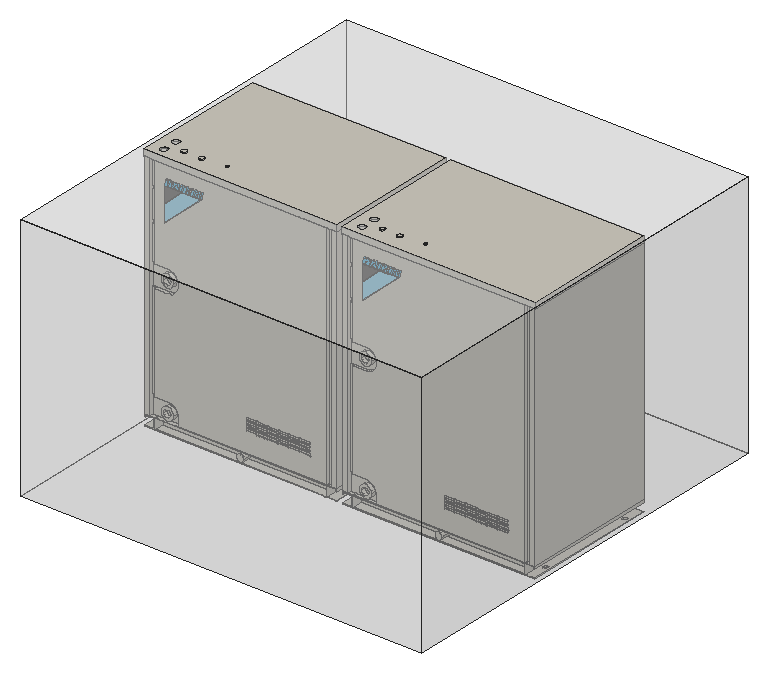
Revit family "outputfile", category 機械設備, Revit 2024
Family settings
  丸型コネクタ寸法 = 半径を使用
  種別 = なし
  パーツ タイプ = 標準
  OmniClass 番号 = 23.75.10.24.21.27.27
  OmniClass タイトル = Split System Air Conditioning Units
  作業面ベース = いいえ
  常に垂直 = はい
  ロード時にボイドで切り取り = いいえ
  注釈の向きを維持 = いいえ
  共有 = いいえ
  部屋計算ポイント = いいえ
Parameters (values of type "RWEYQ16TY1S")
  製造元 = "Daikin"
  書き出し IFC クラス(タイプ) = "IfcUnitaryEquipmentType"
  定義済み IFC タイプ(タイプ) = "AIRCONDITIONINGUNIT"
  モデル = "RWEYQ16TY1S"
  w_unit2 = 780.0 mm
  w_unit1 = 780.0 mm
  switch_unit2_6-8 [instance] = if(Reverse_ModuleSequence, if(default_unit1 = 1, 1 = 1, 1 = 0), if(default_unit2 = 1, 1 = 1, 1 = 0))  # yes
  switch_unit2_12 [instance] = if(Reverse_ModuleSequence, if(default_unit1 = 3, 1 = 1, 1 = 0), if(default_unit2 = 3, 1 = 1, 1 = 0))  # no
  switch_unit2_10 [instance] = if(Reverse_ModuleSequence, if(default_unit1 = 2, 1 = 1, 1 = 0), if(default_unit2 = 2, 1 = 1, 1 = 0))  # no
  switch_unit1_6-8 [instance] = if(Reverse_ModuleSequence, if(default_unit2 = 1, 1 = 1, 1 = 0), if(default_unit1 = 1, 1 = 1, 1 = 0))  # yes
  switch_unit1_12 [instance] = if(Reverse_ModuleSequence, if(default_unit2 = 3, 1 = 1, 1 = 0), if(default_unit1 = 3, 1 = 1, 1 = 0))  # no
  switch_unit1_10 [instance] = if(Reverse_ModuleSequence, if(default_unit2 = 2, 1 = 1, 1 = 0), if(default_unit1 = 2, 1 = 1, 1 = 0))  # no
  rangle_Drain [instance] = if(Rear Connection_Drain, 180.00°, 0.00°)  # 0.00°
  r_Water Outlet Pipe Connection_unit2 [instance] = Water Outlet Pipe Connection_Unit2 / 2  # 15.9 mm
  r_Water Outlet Pipe Connection_unit1 [instance] = Water Outlet Pipe Connection_Unit1 / 2  # 15.9 mm
  r_Water Inlet Pipe Connection_unit2 [instance] = Water Inlet Pipe Connection_Unit2 / 2  # 15.9 mm
  r_Water Inlet Pipe Connection_unit1 [instance] = Water Inlet Pipe Connection_Unit1 / 2  # 15.9 mm
  r_Liquid Pipe Size_unit2 [instance] = Liquid Pipe Size_Unit 2 / 2  # 4.75 mm
  r_HP/LP Gas Pipe Size_unit2 [instance] = [HP/LP Gas Pipe Size_Unit 2] / 2  # 9.55 mm
  r_HP/LP Gas Pipe Size_unit1 [instance] = [HP/LP Gas Pipe Size_Unit 1] / 2  # 9.55 mm
  r_Gas Pipe Size_unit2 [instance] = Gas Pipe Size_Unit 2 / 2  # 9.55 mm
  r_Drain Pipe Size = Drain Pipe Size / 2  # 6.35 mm
  lw_powersupply2 = 51.0 mm
  lw_liquidpipe2 = 274.0 mm
  lw_gaspipe2 [instance] = if(Heat Pump, 107.0 mm, 178.0 mm)  # 107.0 mm
  lw_Water Outlet2 = 95.0 mm
  lw_Water Outlet1 = 95.0 mm
  lw_Water Inlet2 = 95.0 mm
  lw_Water Inlet1 = 95.0 mm
  lw_HP/LP Gas Pipe2 [instance] = if(Heat Pump, 178.0 mm, 107.0 mm)  # 178.0 mm
  lw_HP/LP Gas Pipe1 [instance] = if(Heat Pump, 178.0 mm, 107.0 mm)  # 178.0 mm
  lw_Drain2 = 390.0 mm
  lw_Drain1 = 390.0 mm
  ld_HP/LP Gas Pipe = 69.0 mm
  h_mountinghole = [h_***] + 2.3 mm  # 2.3 mm
  r_Liquid Pipe Size_unit1 [instance] = Liquid Pipe Size_Unit 1 / 2  # 4.75 mm
  r_Gas Pipe Size_unit1 [instance] = Gas Pipe Size_Unit 1 / 2  # 9.55 mm
  distance_unit1-2 [instance] = 20.0 mm
  default_unit2 = 1
  default_unit1 = 1
  default_Water Outlet Pipe Connection_Unit 3 = 31.8 mm
  default_Water Outlet Pipe Connection_Unit 2 = 31.8 mm
  default_Water Outlet Pipe Connection_Unit 1 = 31.8 mm
  default_Water Inlet Pipe Connection_Unit 3 = 31.8 mm
  default_Water Inlet Pipe Connection_Unit 2 = 31.8 mm
  default_Water Inlet Pipe Connection_Unit 1 = 31.8 mm
  default_Model_Unit 2 = "RWEYQ8TY1S"
  default_Model_Unit 1 = "RWEYQ8TY1S"
  default_Liquid Pipe Size_Unit 2 = 9.5 mm
  default_Liquid Pipe Size_Unit 1 = 9.5 mm
  default_HP/LP Gas Pipe Size_Unit 2 [instance] = if(and(Heat Pump, [switch_unit2_6-8]), 19.1 mm, if(and(Heat Pump, switch_unit2_10), 22.2 mm, if(and(Heat Pump, switch_unit2_12), 22.2 mm, if(and(Heat Recovery, [switch_unit2_6-8]), 15.9 mm, if(and(Heat Recovery, switch_unit2_10), 19.1 mm, if(and(Heat Recovery, switch_unit2_12), 19.1 mm, 19.1 mm))))))  # 19.1 mm
  default_HP/LP Gas Pipe Size_Unit 1 [instance] = if(and(Heat Pump, [switch_unit1_6-8]), 19.1 mm, if(and(Heat Pump, switch_unit1_10), 22.2 mm, if(and(Heat Pump, switch_unit1_12), 22.2 mm, if(and(Heat Recovery, [switch_unit1_6-8]), 15.9 mm, if(and(Heat Recovery, switch_unit1_10), 19.1 mm, if(and(Heat Recovery, switch_unit1_12), 19.1 mm, 19.1 mm))))))  # 19.1 mm
  default_Gas Pipe Size_Unit 2 = 19.1 mm
  default_Gas Pipe Size_Unit 1 = 19.1 mm
  Water Outlet Pipe Connection_Unit2 [instance] = if(Reverse_ModuleSequence, default_Water Inlet Pipe Connection_Unit 1, default_Water Inlet Pipe Connection_Unit 2)  # 31.8 mm
  Water Outlet Pipe Connection_Unit1 [instance] = if(Reverse_ModuleSequence, default_Water Outlet Pipe Connection_Unit 2, default_Water Outlet Pipe Connection_Unit 1)  # 31.8 mm
  Water Inlet Pipe Connection_Unit2 [instance] = if(Reverse_ModuleSequence, default_Water Outlet Pipe Connection_Unit 1, default_Water Outlet Pipe Connection_Unit 2)  # 31.8 mm
  Water Inlet Pipe Connection_Unit1 [instance] = if(Reverse_ModuleSequence, default_Water Inlet Pipe Connection_Unit 2, default_Water Inlet Pipe Connection_Unit 1)  # 31.8 mm
  Voltage_comment_50Hz = "380-415"
  Voltage_50Hz = 400 V
  Top Connection_powersupply2 [instance] = not(Top Connection_powersupply1)  # no
  Sound Power Level (dB) = 73
  Reverse_ModuleSequence [instance] = no
  Rear Connection_Drain [instance] = not(Front Connection_Drain)  # no
  Power Input (Heating) = 7.960 kW
  Phase_50Hz = 3
  Nominal Heating Capacity = 50.000 kW
  Model_Unit 2 [instance] = if(Reverse_ModuleSequence, default_Model_Unit 1, default_Model_Unit 2)  # "RWEYQ8TY1S"
  Model_Unit 1 [instance] = if(Reverse_ModuleSequence, default_Model_Unit 2, default_Model_Unit 1)  # "RWEYQ8TY1S"
  Minimum Circuit Amps_50Hz = 27.3 A
  Maximum Fuse Amps_50Hz = 35.0 A
  Material_Heat Exchanger = DAIKIN_Blue_HE_outdoorunit
  Material_Casing = DAIKIN_IvoryWhite_Casing_outdoorunit
  lw_powersupply1 = 51.0 mm
  lw_liquidpipe1 = 274.0 mm
  lw_gaspipe1 [instance] = if(Heat Pump, 107.0 mm, 178.0 mm)  # 107.0 mm
  lh_powersupply = 940.0 mm
  ld_powersupply [instance] = if(Top Connection_powersupply1, 38.0 mm, 98.0 mm)  # 38.0 mm
  ld_liquidpipe = 79.0 mm
  ld_gaspipe = 69.0 mm
  h_*** = 0.0 mm
  Width [instance] = [distance_unit1-2] + w_unit1 + w_unit2  # 1580.0 mm
  Version = "ver.1.0"
  Unit Type = ""
  Unit Mass Weight = 292.00 kg
  Unit Designation [instance] = ""
  Uniclass2015Version = "Products v1.30"
  Uniclass2015Title = "Variable refrigerant flow units"
  Uniclass2015Code = "Pr_70_65_03_94"
  Total Cooling Capacity [instance] = 0.000 kW
  Sound Pressure Level (dBA) = 53
  Series = "VRV Heat Recovery"
  Refrigerant_Base Charge = 7.000 kg
  Refrigerant_Additional Charge [instance] = 0.000 kg
  Refrigerant Type = "R410A"
  Power Input (Cooling) = 7.720 kW
  Option Accessory 3 [instance] = ""
  Option Accessory 2 [instance] = ""
  Option Accessory 1 [instance] = ""
  Nominal Cooling Capacity = 44.800 kW
  Load Classification = HVAC
  Liquid Pipe Size_Unit 2 [instance] = if(Reverse_ModuleSequence, default_Liquid Pipe Size_Unit 1, default_Liquid Pipe Size_Unit 2)  # 9.5 mm
  Liquid Pipe Size_Unit 1 [instance] = if(Reverse_ModuleSequence, default_Liquid Pipe Size_Unit 2, default_Liquid Pipe Size_Unit 1)  # 9.5 mm
  Link_Nested Family [instance] = ""
  IfcVersion = ""
  IfcExportType = "AIRCONDITIONINGUNIT"
  IfcExportAs = "IfcUnitaryEquipmentType"
  Height = 1000.0 mm
  Heat Recovery [instance] = not(Heat Pump)  # no
  Heat Pump [instance] = yes
  Heat Exchanger Type = "Stainless Steel Plate"
  HP/LP Gas Pipe Size_Unit 2 [instance] = [default_HP/LP Gas Pipe Size_Unit 2]  # 19.1 mm
  HP/LP Gas Pipe Size_Unit 1 [instance] = [default_HP/LP Gas Pipe Size_Unit 1]  # 19.1 mm
  Gas Pipe Size_Unit 2 [instance] = if(Reverse_ModuleSequence, default_Gas Pipe Size_Unit 1, default_Gas Pipe Size_Unit 2)  # 19.1 mm
  Gas Pipe Size_Unit 1 [instance] = if(Reverse_ModuleSequence, default_Gas Pipe Size_Unit 2, default_Gas Pipe Size_Unit 1)  # 19.1 mm
  Top Connection_powersupply1 [instance] = yes
  Front Connection_Drain [instance] = yes
  Frequency_50Hz = 50 Hz
  Drain Pipe Size = 12.7 mm
  Depth = 550.0 mm
  既定の高さ = 0.0 mm
  Cooling Ambient Wet Bulb Temperature [instance] = 0.00 °C
  Cooling Ambient Dry Bulb Temperature [instance] = 0.00 °C
  Compressor Type = "Hermetically Sealed Scroll Type"
  Clearance visibility [instance] = yes
  Clearance Top = 0.0 mm
  Clearance Right = 20.0 mm
  Clearance Rear = 500.0 mm
  Clearance Left = 20.0 mm
  Clearance Front = 600.0 mm
  Clearance Bottom = 0.0 mm
  CU Tag No. [instance] = ""
Reference planes
  plane 1 "Center (Front/Back)": y = 0
  plane 2 "h_***": z = 0
  plane 3 "Center (Left/Right)": x = 0
  plane 4 "Back": y = 275
  plane 5 "Front": y = -275
  plane 6 "Left": x = -390
  plane 7 "w_unit1": x = 390
  plane 8 "Top": z = 1000
  plane 9 "Clearance Rear": y = 775
  plane 10 "Clearance Front": y = -875
  plane 11 "Clearance Left": x = -410
  plane 12 "Clearance Right": x = 1210
  plane 13 "Clearance Top": z = 1000
  plane 14 "Clearance Bottom": z = 0
  plane 15 "Bottom": z = 0
  plane 16 "lw_powersupply1": x = -339
  plane 17 "ld_powersupply": y = -237
  plane 18 "lw_liquidpipe1": x = -116
  plane 19 "Rear Connection_refrigetant": y = -196
  plane 20 "lw_gaspipe1": x = -283
  plane 21 "ld_gaspipe": y = -206
  plane 22 "lh_logo": z = 900
  plane 23 "lw_logo": x = 100
  plane 24 "lh_powersupply": z = 940
  plane 25 "lw_HP/LP Gas Pipe1": x = -212
  plane 26 "ld_HP/LP Gas Pipe": y = -206
  plane 27 "l_unit2": x = 410
  plane 28 "Right": x = 1190
  plane 29 "lw_powersupply2": x = 461
  plane 30 "lw_liquidpipe2": x = 684
  plane 31 "lw_gaspipe2": x = 517
  plane 32 "lw_HP/LP Gas Pipe2": x = 588
  plane 33 "lw_Water Inlet1": x = -295
  plane 34 "lw_Water Inlet2": x = 505
  plane 35 "lw_Water Outlet1": x = -295
  plane 36 "lw_Water Outlet2": x = 505
  plane 37 "lw_Drain1": x = 0
  plane 38 "lw_Drain2": x = 800
Dimensions and locks
  equal spacing: plane 4 "Back", plane 1 "Center (Front/Back)", plane 5 "Front"
  "Depth": plane 4 "Back" to plane 5 "Front"
  equal spacing: plane 6 "Left", plane 3 "Center (Left/Right)", plane 7 "w_unit1"
  "w_unit1": plane 6 "Left" to plane 7 "w_unit1"
  "Clearance Rear": plane 9 "Clearance Rear" to plane 4 "Back"
  "Clearance Front": plane 10 "Clearance Front" to plane 5 "Front"
  "Clearance Left": plane 11 "Clearance Left" to plane 6 "Left"
  "Clearance Top": plane 13 "Clearance Top" to plane 8 "Top"
  "h_***": plane 15 "Bottom" to plane 2 "h_***"
  "Height": plane 8 "Top" to plane 15 "Bottom"
  "Clearance Bottom": plane 15 "Bottom" to plane 14 "Clearance Bottom"
  "ld_powersupply": plane 17 "ld_powersupply" to plane 5 "Front"
  "ld_liquidpipe": plane 19 "Rear Connection_refrigetant" to plane 5 "Front"
  "ld_gaspipe": plane 21 "ld_gaspipe" to plane 5 "Front"
  locked: plane 23 "lw_logo" to plane 7 "w_unit1" at 290
  locked: plane 22 "lh_logo" to plane 15 "Bottom" at 900
  "lw_gaspipe1": plane 6 "Left" to plane 20 "lw_gaspipe1"
  "lw_liquidpipe1": plane 6 "Left" to plane 18 "lw_liquidpipe1"
  "lw_powersupply1": plane 6 "Left" to plane 16 "lw_powersupply1"
  "lh_powersupply": plane 24 "lh_powersupply" to plane 15 "Bottom"
  "lw_HP/LP Gas Pipe1": plane 6 "Left" to plane 25 "lw_HP/LP Gas Pipe1"
  "ld_HP/LP Gas Pipe": plane 26 "ld_HP/LP Gas Pipe" to plane 5 "Front"
  "distance_unit1-2": plane 7 "w_unit1" to plane 27 "l_unit2"
  "Clearance Right": plane 28 "Right" to plane 12 "Clearance Right"
  "Width": plane 6 "Left" to plane 28 "Right"
  "lw_powersupply2": plane 27 "l_unit2" to plane 29 "lw_powersupply2"
  "lw_HP/LP Gas Pipe2": plane 27 "l_unit2" to plane 32 "lw_HP/LP Gas Pipe2"
  "lw_gaspipe2": plane 27 "l_unit2" to plane 31 "lw_gaspipe2"
  "lw_liquidpipe2": plane 27 "l_unit2" to plane 30 "lw_liquidpipe2"
  "lw_Water Inlet1": plane 6 "Left" to plane 33 "lw_Water Inlet1"
  "lw_Water Inlet2": plane 27 "l_unit2" to plane 34 "lw_Water Inlet2"
  "lw_Water Outlet1": plane 6 "Left" to plane 35 "lw_Water Outlet1"
  "lw_Water Outlet2": plane 27 "l_unit2" to plane 36 "lw_Water Outlet2"
  "lw_Drain1": plane 6 "Left" to plane 37 "lw_Drain1"
  "lw_Drain2": plane 27 "l_unit2" to plane 38 "lw_Drain2"
  aligned and locked: level to plane 2 "h_***"
  aligned and locked: plane 9 "Clearance Rear" to nested 2
  aligned and locked: nested 2 to plane 10 "Clearance Front"
  aligned and locked: plane 11 "Clearance Left" to nested 2
  aligned and locked: plane 12 "Clearance Right" to nested 2
  aligned and locked: plane 13 "Clearance Top" to nested 2
  aligned and locked: plane 14 "Clearance Bottom" to nested 2
  aligned and locked: plane 8 "Top" to nested 1
  aligned and locked: plane 22 "lh_logo" to nested 7
  aligned and locked: nested 8 to plane 16 "lw_powersupply1"
  aligned and locked: nested 9 to plane 20 "lw_gaspipe1"
  aligned and locked: nested 10 to plane 18 "lw_liquidpipe1"
  aligned and locked: nested 10 to plane 19 "Rear Connection_refrigetant"
  aligned and locked: nested 9 to plane 21 "ld_gaspipe"
  aligned and locked: nested 8 to plane 17 "ld_powersupply"
  aligned and locked: plane 5 "Front" to nested 7
  aligned and locked: plane 24 "lh_powersupply" to nested 8
  aligned and locked: plane 27 "l_unit2" to nested 11
  aligned and locked: nested 17 to plane 29 "lw_powersupply2"
  aligned and locked: nested 17 to plane 17 "ld_powersupply"
  aligned and locked: nested 18 to plane 31 "lw_gaspipe2"
  aligned and locked: nested 18 to plane 26 "ld_HP/LP Gas Pipe"
  aligned and locked: plane 33 "lw_Water Inlet1" to nested 20
  aligned and locked: plane 34 "lw_Water Inlet2" to nested 21
  aligned and locked: plane 35 "lw_Water Outlet1" to nested 22
  aligned and locked: plane 36 "lw_Water Outlet2" to nested 23
  aligned and locked: plane 37 "lw_Drain1" to nested 24
  aligned and locked: plane 38 "lw_Drain2" to nested 25
  aligned and locked: plane 1 "Center (Front/Back)" to nested 20
  aligned and locked: plane 1 "Center (Front/Back)" to nested 21
  aligned and locked: plane 1 "Center (Front/Back)" to nested 22
  aligned and locked: plane 1 "Center (Front/Back)" to nested 23
  aligned and locked: plane 1 "Center (Front/Back)" to nested 24
  aligned and locked: plane 1 "Center (Front/Back)" to nested 25
  aligned and locked: nested 26 to plane 26 "ld_HP/LP Gas Pipe"
  aligned and locked: nested 27 to plane 26 "ld_HP/LP Gas Pipe"
  aligned and locked: plane 32 "lw_HP/LP Gas Pipe2" to nested 27
  aligned and locked: plane 25 "lw_HP/LP Gas Pipe1" to nested 26
Nested families
  nested 1: "DAIKIN_outdoorunit_RWEYQ-TY1S" at (-31, 0, 0), h_*** <- "h_***", Link_Nest <- "Link_Nested Family", h_mountinghole <- "h_mountinghole", Width <- "w_unit1", switch_unit1_6-8 <- "switch_unit1_6-8", switch_unit1_10 <- "switch_unit1_10", switch_unit1_12 <- "switch_unit1_12", type "RWEYQ-TY1S"
    with switch_unit1_6-8 yes, switch_unit1_12 no, switch_unit1_10 no, show_fixedhole yes, h_mountinghole 2.3 mm, h_antenna_mountinghole 998.7 mm, h_*** 0.0 mm, array_bolt 5, Width 780.0 mm, Liquid Pipe Size_Unit 1 9.5 mm, Link_Nest "", HP/LP Pipe Size_Unit 1 19.1 mm, Gas Pipe Size_Unit 1 19.1 mm
  nested 2: "daikin_clearancespace" at (400, -50, 500.119), visible <- "Clearance visibility", show <- "Clearance visibility", Link_Nested Family <- "Link_Nested Family", type "daikin_clearancespace"
    with width 1620.0 mm, show yes, height 1000.0 mm, depth 1650.0 mm, Link_Nested Family ""
  nested 3: "daikin_mountinghole" at (-372, 200, 0), type "daikin_mountinghole"
    with show yes, l_antenna 998.7 mm, h_mountinghole 2.3 mm, Link_Nested Family ""
  nested 4: "daikin_mountinghole" at (372, 200, 0), type "daikin_mountinghole"
    with show yes, l_antenna 998.7 mm, h_mountinghole 2.3 mm, Link_Nested Family ""
  nested 5: "daikin_mountinghole" at (-372, -200, 0), type "daikin_mountinghole"
    with show yes, l_antenna 998.7 mm, h_mountinghole 2.3 mm, Link_Nested Family ""
  nested 6: "daikin_mountinghole" at (372, -200, 0), type "daikin_mountinghole"
    with show yes, l_antenna 998.7 mm, h_mountinghole 2.3 mm, Link_Nested Family ""
  nested 7: "daikin_logo_elevation_w150" at (-212.5, -275, 744.568), type "daikin_logo_elevation_w150"
    with show_logo yes
  nested 8: "daikin_connector_rotate3" at (-339, -237, 940) x (-1, 0, 0) z (0, 0, -1), type "daikin_connector_rotate3"
    with show no, radius 10.0 mm, length 60.0 mm, angle_vertical 0.00°, angle_horizontal 0.00°
  nested 9: "daikin_connector_rotate3" at (-283, -206, 940) x (-1, 0, 0) z (0, 0, -1), radius <- "r_Gas Pipe Size_unit1", type "daikin_connector_rotate3"
    with show no, radius 9.55 mm, length 60.0 mm, angle_vertical 0.00°, angle_horizontal 0.00°
  nested 10: "daikin_connector_rotate3" at (-116, -196, 940) x (-1, 0, 0) z (0, 0, -1), radius <- "r_Liquid Pipe Size_unit1", type "daikin_connector_rotate3"
    with show no, radius 4.75 mm, length 60.0 mm, angle_vertical 0.00°, angle_horizontal 0.00°
  nested 11: "DAIKIN_outdoorunit_RWEYQ-TY1S" at (769, 0, 0), Width <- "w_unit2", switch_unit1_6-8 <- "switch_unit2_6-8", switch_unit1_10 <- "switch_unit2_10", switch_unit1_12 <- "switch_unit2_12", type "RWEYQ-TY1S"
    with switch_unit1_6-8 yes, switch_unit1_12 no, switch_unit1_10 no, show_fixedhole yes, h_mountinghole 2.3 mm, h_antenna_mountinghole 998.7 mm, h_*** 0.0 mm, array_bolt 5, Width 780.0 mm, Liquid Pipe Size_Unit 1 9.5 mm, Link_Nest "", HP/LP Pipe Size_Unit 1 19.1 mm, Gas Pipe Size_Unit 1 19.1 mm
  nested 12: "daikin_mountinghole" at (428, 200, 0), type "daikin_mountinghole"
    with show yes, l_antenna 998.7 mm, h_mountinghole 2.3 mm, Link_Nested Family ""
  nested 13: "daikin_mountinghole" at (1172, 200, 0), type "daikin_mountinghole"
    with show yes, l_antenna 998.7 mm, h_mountinghole 2.3 mm, Link_Nested Family ""
  nested 14: "daikin_mountinghole" at (428, -200, 0), type "daikin_mountinghole"
    with show yes, l_antenna 998.7 mm, h_mountinghole 2.3 mm, Link_Nested Family ""
  nested 15: "daikin_mountinghole" at (1172, -200, 0), type "daikin_mountinghole"
    with show yes, l_antenna 998.7 mm, h_mountinghole 2.3 mm, Link_Nested Family ""
  nested 16: "daikin_connector_rotate3" at (684, -196, 940) x (-1, 0, 0) z (0, 0, -1), radius <- "r_Liquid Pipe Size_unit2", type "daikin_connector_rotate3"
    with show no, radius 4.75 mm, length 60.0 mm, angle_vertical 0.00°, angle_horizontal 0.00°
  nested 17: "daikin_connector_rotate3" at (461, -237, 940) x (-1, 0, 0) z (0, 0, -1), type "daikin_connector_rotate3"
    with show no, radius 10.0 mm, length 60.0 mm, angle_vertical 0.00°, angle_horizontal 0.00°
  nested 18: "daikin_connector_rotate3" at (517, -206, 940) x (-1, 0, 0) z (0, 0, -1), radius <- "r_Gas Pipe Size_unit2", type "daikin_connector_rotate3"
    with show no, radius 9.55 mm, length 60.0 mm, angle_vertical 0.00°, angle_horizontal 0.00°
  nested 19: "daikin_logo_elevation_w150" at (587.5, -275, 744.568), type "daikin_logo_elevation_w150"
    with show_logo yes
  nested 20: "daikin_connector_rotate3" at (-295, 0, 76), radius <- "r_Water Inlet Pipe Connection_unit1", type "daikin_connector_rotate3"
    with show no, radius 15.9 mm, length 275.0 mm, angle_vertical 90.00°, angle_horizontal 0.00°
  nested 21: "daikin_connector_rotate3" at (505, 0, 76), radius <- "r_Water Inlet Pipe Connection_unit2", type "daikin_connector_rotate3"
    with show no, radius 15.9 mm, length 275.0 mm, angle_vertical 90.00°, angle_horizontal 0.00°
  nested 22: "daikin_connector_rotate3" at (-295, 0, 556), radius <- "r_Water Outlet Pipe Connection_unit1", type "daikin_connector_rotate3"
    with show no, radius 15.9 mm, length 275.0 mm, angle_vertical 90.00°, angle_horizontal 0.00°
  nested 23: "daikin_connector_rotate3" at (505, 0, 556), radius <- "r_Water Outlet Pipe Connection_unit2", type "daikin_connector_rotate3"
    with show no, radius 15.9 mm, length 275.0 mm, angle_vertical 90.00°, angle_horizontal 0.00°
  nested 24: "daikin_connector_rotate3" at (0, 0, 19), angle_horizontal <- "rangle_Drain", radius <- "r_Drain Pipe Size", type "daikin_connector_rotate3"
    with show no, radius 6.35 mm, length 275.0 mm, angle_vertical 90.00°, angle_horizontal 0.00°
  nested 25: "daikin_connector_rotate3" at (800, 0, 19), angle_horizontal <- "rangle_Drain", radius <- "r_Drain Pipe Size", type "daikin_connector_rotate3"
    with show no, radius 6.35 mm, length 275.0 mm, angle_vertical 90.00°, angle_horizontal 0.00°
  nested 26: "daikin_connector_rotate3" at (-212, -206, 940) x (1, 0, 0) z (0, 0, -1), radius <- "r_HP/LP Gas Pipe Size_unit1", type "daikin_connector_rotate3"
    with show no, radius 9.55 mm, length 60.0 mm, angle_vertical 0.00°, angle_horizontal 0.00°
  nested 27: "daikin_connector_rotate3" at (588, -206, 940) x (1, 0, 0) z (0, 0, -1), radius <- "r_HP/LP Gas Pipe Size_unit2", type "daikin_connector_rotate3"
    with show no, radius 9.55 mm, length 60.0 mm, angle_vertical 0.00°, angle_horizontal 0.00°
Connectors
  piping at (-116, -196, 1000), diameter 9.5, driven by "r_Liquid Pipe Size_unit1"
    settings: on nested 10, index 12, connector inside diameter 609.6 mm, connector length 0.0 mm, flow factor 0, pipe flow 0.00 m³/h, pressure drop 0.0 Pa, fitting loss kfactor 0, connector angle 0.00°, fixture units 0, engagement length 0.0 mm, angle of deflection 0.00°, flow configuration 0, flow direction 2, fitting loss method 0, system type 29, joint type 0, gender type 0, connector reference index -1, connector utility 0, adjustable connector no, is connector primary no, connector description "Refrigerant Liquid Piping1"
  electrical at (-339, -237, 1000), driven by "Load Classification"
    settings: on nested 8, index 13, voltage 0 V, apparent load 0 VA, apparent load phase1 0 VA, apparent load phase2 0 VA, apparent load phase3 0 VA, power factor 1, load classification "HVAC", number of poles 1, system type 30, power factor state 1, is connector primary yes, connector utility no, sub classification motor no, connector description "Power Supply1"
  piping at (684, -196, 1000), diameter 9.5, driven by "r_Liquid Pipe Size_unit2"
    settings: on nested 16, index 15, connector inside diameter 609.6 mm, connector length 0.0 mm, flow factor 0, pipe flow 0.00 m³/h, pressure drop 0.0 Pa, fitting loss kfactor 0, connector angle 0.00°, fixture units 0, engagement length 0.0 mm, angle of deflection 0.00°, flow configuration 0, flow direction 2, fitting loss method 0, system type 29, joint type 0, gender type 0, connector reference index -1, connector utility 0, adjustable connector no, is connector primary no, connector description "Refrigerant Liquid Piping2"
  electrical at (461, -237, 1000), driven by "Load Classification"
    settings: on nested 17, index 17, voltage 0 V, apparent load 0 VA, apparent load phase1 0 VA, apparent load phase2 0 VA, apparent load phase3 0 VA, power factor 1, load classification "HVAC", number of poles 1, system type 30, power factor state 1, is connector primary no, connector utility no, sub classification motor no, connector description "Power Supply2"
  piping at (-295, -275, 556), diameter 31.8, driven by "r_Water Outlet Pipe Connection_unit1"
    settings: on nested 22, index 19, connector inside diameter 609.6 mm, connector length 0.0 mm, flow factor 0, pipe flow 0.00 m³/h, pressure drop 0.0 Pa, fitting loss kfactor 0, connector angle 0.00°, fixture units 0, engagement length 0.0 mm, angle of deflection 0.00°, flow configuration 1, flow direction 2, fitting loss method 0, system type 8, joint type 0, gender type 0, connector reference index -1, connector utility 0, adjustable connector no, is connector primary no, connector description "Cooling Water Outlet Piping 1"
  piping at (-295, -275, 76), diameter 31.8, driven by "r_Water Inlet Pipe Connection_unit1"
    settings: on nested 20, index 20, connector inside diameter 609.6 mm, connector length 0.0 mm, flow factor 0, pipe flow 0.00 m³/h, pressure drop 0.0 Pa, fitting loss kfactor 0, connector angle 0.00°, fixture units 0, engagement length 0.0 mm, angle of deflection 0.00°, flow configuration 1, flow direction 1, fitting loss method 0, system type 7, joint type 0, gender type 0, connector reference index -1, connector utility 0, adjustable connector no, is connector primary no, connector description "Cooling Water Inlet  Piping 1"
  piping at (0, -275, 19), diameter 12.7, driven by "r_Drain Pipe Size"
    settings: on nested 24, index 21, connector inside diameter 609.6 mm, connector length 0.0 mm, flow factor 0, pipe flow 0.00 m³/h, pressure drop 0.0 Pa, fitting loss kfactor 0, connector angle 0.00°, fixture units 0, engagement length 0.0 mm, angle of deflection 0.00°, flow configuration 1, flow direction 2, fitting loss method 4, system type 16, joint type 0, gender type 0, connector reference index -1, connector utility 0, adjustable connector no, is connector primary no, connector description "Condensate Drain Piping 1"
  piping at (505, -275, 556), diameter 31.8, driven by "r_Water Outlet Pipe Connection_unit2"
    settings: on nested 23, index 22, connector inside diameter 609.6 mm, connector length 0.0 mm, flow factor 0, pipe flow 0.00 m³/h, pressure drop 0.0 Pa, fitting loss kfactor 0, connector angle 0.00°, fixture units 0, engagement length 0.0 mm, angle of deflection 0.00°, flow configuration 1, flow direction 2, fitting loss method 0, system type 8, joint type 0, gender type 0, connector reference index -1, connector utility 0, adjustable connector no, is connector primary no, connector description "Cooling Water Outlet Piping 2"
  piping at (505, -275, 76), diameter 31.8, driven by "r_Water Inlet Pipe Connection_unit2"
    settings: on nested 21, index 23, connector inside diameter 609.6 mm, connector length 0.0 mm, flow factor 0, pipe flow 0.00 m³/h, pressure drop 0.0 Pa, fitting loss kfactor 0, connector angle 0.00°, fixture units 0, engagement length 0.0 mm, angle of deflection 0.00°, flow configuration 1, flow direction 1, fitting loss method 0, system type 7, joint type 0, gender type 0, connector reference index -1, connector utility 0, adjustable connector no, is connector primary no, connector description "Cooling Water Inlet  Piping 2"
  piping at (800, -275, 19), diameter 12.7, driven by "r_Drain Pipe Size"
    settings: on nested 25, index 24, connector inside diameter 609.6 mm, connector length 0.0 mm, flow factor 0, pipe flow 0.00 m³/h, pressure drop 0.0 Pa, fitting loss kfactor 0, connector angle 0.00°, fixture units 0, engagement length 0.0 mm, angle of deflection 0.00°, flow configuration 1, flow direction 2, fitting loss method 4, system type 16, joint type 0, gender type 0, connector reference index -1, connector utility 0, adjustable connector no, is connector primary no, connector description "Condensate Drain Piping 2"
  piping at (-212, -206, 1000), diameter 19.1, driven by "r_HP/LP Gas Pipe Size_unit1"
    settings: on nested 26, index 27, connector inside diameter 609.6 mm, connector length 0.0 mm, flow factor 0, pipe flow 0.00 m³/h, pressure drop 0.0 Pa, fitting loss kfactor 0, connector angle 0.00°, fixture units 0, engagement length 0.0 mm, angle of deflection 0.00°, flow configuration 0, flow direction 0, fitting loss method 0, system type 29, joint type 0, gender type 0, connector reference index -1, connector utility 0, adjustable connector no, is connector primary no, connector description "Refrigerant HP/LP Gas Piping1"
  piping at (588, -206, 1000), diameter 19.1, driven by "r_HP/LP Gas Pipe Size_unit2"
    settings: on nested 27, index 28, connector inside diameter 609.6 mm, connector length 0.0 mm, flow factor 0, pipe flow 0.00 m³/h, pressure drop 0.0 Pa, fitting loss kfactor 0, connector angle 0.00°, fixture units 0, engagement length 0.0 mm, angle of deflection 0.00°, flow configuration 0, flow direction 0, fitting loss method 0, system type 29, joint type 0, gender type 0, connector reference index -1, connector utility 0, adjustable connector no, is connector primary no, connector description "Refrigerant HP/LP Gas Piping2"
  piping at (-283, -206, 1000), diameter 19.1, driven by "r_Gas Pipe Size_unit1"
    settings: on nested 9, index 29, connector inside diameter 609.6 mm, connector length 0.0 mm, flow factor 0, pipe flow 0.00 m³/h, pressure drop 0.0 Pa, fitting loss kfactor 0, connector angle 0.00°, fixture units 0, engagement length 0.0 mm, angle of deflection 0.00°, flow configuration 0, flow direction 1, fitting loss method 0, system type 29, joint type 0, gender type 0, connector reference index -1, connector utility 0, adjustable connector no, is connector primary yes, connector description "Refrigerant Gas Piping1"
  piping at (517, -206, 1000), diameter 19.1, driven by "r_Gas Pipe Size_unit2"
    settings: on nested 18, index 30, connector inside diameter 609.6 mm, connector length 0.0 mm, flow factor 0, pipe flow 0.00 m³/h, pressure drop 0.0 Pa, fitting loss kfactor 0, connector angle 0.00°, fixture units 0, engagement length 0.0 mm, angle of deflection 0.00°, flow configuration 0, flow direction 1, fitting loss method 0, system type 29, joint type 0, gender type 0, connector reference index -1, connector utility 0, adjustable connector no, is connector primary no, connector description "Refrigerant Gas Piping2"
Definition of nested family "DAIKIN_outdoorunit_RWEYQ-TY1S"
  Parameters (values of type "RWEYQ-TY1S")
    w_wiremesh_right = 668.0 mm  # constant formula
    w_wiremesh_left = 590.0 mm  # constant formula
    w_wiremesh_front = 248.0 mm  # constant formula
    switch_unit1_6-8 [instance] = no
    switch_unit1_12 [instance] = yes
    switch_unit1_10 [instance] = no
    show_fixedhole [instance] = yes
    material_heatexchanger = none
    material_casing = none
    ld_hole1_bottom = 154.0 mm  # constant formula
    h_wiremesh = 900.0 mm  # constant formula
    h_mountinghole [instance] = 2.3 mm
    h_antenna_mountinghole [instance] = Height + 1.0 mm - 2.3 mm  # 998.7 mm
    h_*** [instance] = 0.0 mm
    array_bolt [instance] = 5
    Width [instance] = 780.0 mm
    Liquid Pipe Size_Unit 1 [instance] = if([switch_unit1_6-8], 9.5 mm, if(switch_unit1_10, 9.5 mm, if(switch_unit1_12, 12.7 mm, 9.5 mm)))  # 12.7 mm
    Link_Nest [instance] = ""
    Height = 1000.0 mm
    Heat Recovery = not(Heat Pump)  # no
    Heat Pump = yes
    HP/LP Pipe Size_Unit 1_L = if(Heat Pump, 178.0 mm, 107.0 mm)  # 178.0 mm
    HP/LP Pipe Size_Unit 1 [instance] = if(Heat Recovery, if([switch_unit1_6-8], 15.9 mm, if(switch_unit1_10, 19.1 mm, if(switch_unit1_12, 19.1 mm, 15.9 mm))), if([switch_unit1_6-8], 19.1 mm, if(switch_unit1_10, 22.2 mm, if(switch_unit1_12, 22.2 mm, 19.1 mm))))  # 22.2 mm
    Gas Pipe Size_Unit 1_L = if(Heat Pump, 107.0 mm, 178.0 mm)  # 107.0 mm
    Gas Pipe Size_Unit 1_H = 60.0 mm  # constant formula
    Gas Pipe Size_Unit 1 [instance] = if([switch_unit1_6-8], 19.1 mm, if(switch_unit1_10, 22.2 mm, if(switch_unit1_12, 22.2 mm, 19.1 mm)))  # 22.2 mm
    Depth = 550.0 mm
    Default Elevation = 0.0 mm
  Reference planes
    plane 1 "Center (Front/Back)": y = 0
    plane 2 "reference_level": z = 0
    plane 3 "Center (Left/Right)": x = 31
    plane 4 "Bottom": z = 0
    plane 5: x = 421
    plane 6: x = -359
    plane 7 "Back": y = 275
    plane 8 "Front": y = -275
    plane 9: z = 1000
    plane 10: z = 976
    plane 11: y = -255
    plane 12: y = 255
    plane 13: x = -337
    plane 14: x = 399
    plane 15: x = -341
    plane 16: z = 45
    plane 17: x = 403
    plane 18: y = 200
    plane 19: y = -200
    plane 20: z = 1060
    plane 21: z = 19
    plane 22: z = 1000
    plane 23: z = 940
  Forms (mm)
    Extrusion 1, solid, material <- "material_heatexchanger"
      sketch origin (0, 0, 0) x (1, 0, 0) y (0, 1, 0)
        loop
          line (-337, 255) -> (-337, -255) -> (399, -255) -> (399, 255) -> (-337, 255)
      from 54 to 976
    Extrusion 2, void
      sketch origin (0, 350, 0) x (1, 0, 0) y (0, 1, 0)
        loop
          circle (-341, -150) r 8.5
        loop
          circle (403, -150) r 8.5
        loop
          circle (403, -550) r 8.5
        loop
          circle (-341, -550) r 8.5
      from 0 to 29.064
    Extrusion 3, solid, material <- "material_casing"
      sketch origin (620, -305, 0) x (-1, 0, 0) y (0, 0, 1)
        loop
          line (204.3, 35.061) -> (204.3, 42.7) -> (239.7, 42.7) -> (239.7, 2.3) -> (201, 2.3) -> (201, 0) -> (242, 0) -> (242, 45) -> (201, 45) -> (201, 35.061) -> (204.3, 35.061)
        loop
          line (973.7, 35.061) -> (977, 35.061) -> (977, 45) -> (936, 45) -> (936, 0) -> (977, 0) -> (977, 2.3) -> (938.3, 2.3) -> (938.3, 42.7) -> (973.7, 42.7) -> (973.7, 35.061)
      from 30 to 580
    Extrusion 4, solid, material <- "material_casing"
      sketch origin (31, 0, 0) x (0, 1, 0) y (0, 0, 1)
        loop
          line (-275, 45) -> (-275, 42.7) -> (-236.3, 42.7) -> (-236.3, 2.3) -> (-275, 2.3) -> (-275, 0) -> (-234, 0) -> (-234, 45) -> (-275, 45)
        loop
          line (275, 45) -> (234, 45) -> (234, 0) -> (275, 0) -> (275, 2.3) -> (236.3, 2.3) -> (236.3, 42.7) -> (275, 42.7) -> (275, 45)
      from -347 to 347
    Extrusion 5, solid, material <- "material_casing"
      sketch origin (0, 0, 0) x (1, 0, 0) y (0, 1, 0)
        loop
          circle (-85, -196) r 6.35
        loop
          circle (-181, -206) r 11.1
      from 940 to 1000
    Extrusion 6, solid, material <- "material_casing"
      sketch origin (-663.497, -190, 1200) x (-1, 0, 0) y (0, 0, 1)
        loop
          circle (-694.497, -1181) r 14
      from -85 to -46.3
    Extrusion 7, solid, material <- "material_casing"
      sketch origin (-663.497, 321.3, 1200) x (-1, 0, 0) y (0, 0, 1)
        loop
          circle (-694.497, -1181) r 14
      from -85 to -46.3
    Extrusion 8, solid, material <- "material_casing"
      sketch origin (0, -500, 0) x (1, 0, 0) y (0, 1, 0)
        loop
          circle (-252, 294) r 11.1
      from 940 to 1000
  Cuts and joins
    Extrusion 2 cuts Extrusion 3
  Dimensions and locks
    equal spacing: plane 6, plane 3 "Center (Left/Right)", plane 5
    "Width": plane 6 to plane 5
    locked: plane 9 to plane 10 at 24
    "Depth": plane 8 "Front" to plane 7 "Back"
    equal spacing: plane 7 "Back", plane 1 "Center (Front/Back)", plane 8 "Front"
    locked: plane 12 to plane 7 "Back" at 20
    locked: plane 11 to plane 8 "Front" at 20
    locked: plane 6 to plane 13 at 22
    locked: plane 14 to plane 5 at 22
    locked: plane 6 to plane 15 at 18
    "h_***": plane 4 "Bottom" to plane 2 "reference_level"
    locked: plane 16 to plane 4 "Bottom" at 45
    "Height": plane 9 to plane 4 "Bottom"
    locked: plane 5 to Extrusion 3 sketch curve at 2  (x2)
    locked: Extrusion 3 sketch curve to Extrusion 3 sketch curve at 41  (x2)
    locked: Extrusion 3 sketch curve to Extrusion 3 sketch curve at 3.3  (x2)
    locked: Extrusion 3 sketch curve to plane 6 at 2  (x2)
    locked: plane 8 "Front" to Extrusion 4 sketch curve at 41
    locked: Extrusion 4 sketch curve to plane 7 "Back" at 41
    locked: plane 17 to plane 5 at 18
    plane 19 to plane 8 "Front" = 75.0 mm
    locked: plane 18 to plane 7 "Back" at 75
    locked: Extrusion 5 sketch curve to plane 8 "Front" at 79
    locked: plane 6 to Extrusion 5 sketch curve at 274
    "HP/LP Pipe Size_Unit 1_L": plane 6 to Extrusion 5 sketch curve
    locked: Extrusion 5 sketch curve to plane 8 "Front" at 69
    locked: plane 20 to plane 9 at 60
    plane 21 to plane 4 "Bottom" = 19.0 mm
    locked: Extrusion 8 sketch curve to plane 8 "Front" at 69
    "Gas Pipe Size_Unit 1_L": plane 6 to Extrusion 8 sketch curve
    "Gas Pipe Size_Unit 1_H": plane 20 to plane 22
    locked: plane 22 to plane 23 at 60
    "HP/LP Pipe Size_Unit 1": diameter of Extrusion 5 sketch curve
    "Liquid Pipe Size_Unit 1": diameter of Extrusion 5 sketch curve
    "Gas Pipe Size_Unit 1": diameter of Extrusion 8 sketch curve
    aligned and locked: level to plane 2 "reference_level"
    aligned and locked: plane 12 to Extrusion 1 sketch curve
    aligned and locked: plane 11 to Extrusion 1 sketch curve
    aligned and locked: plane 13 to Extrusion 1 sketch curve
    aligned and locked: plane 14 to Extrusion 1 sketch curve
    aligned and locked: plane 10 to Extrusion 1
    aligned and locked: plane 11 to nested 1
    aligned and locked: plane 10 to nested 4
    aligned and locked: nested 5 to plane 9
    aligned and locked: plane 10 to nested 3
    aligned and locked: plane 10 to nested 2
    aligned and locked: plane 13 to nested 4
    aligned and locked: plane 14 to nested 2
    aligned and locked: plane 12 to nested 3
    aligned and locked: plane 15 to nested 7
    aligned and locked: plane 15 to nested 9
    aligned and locked: plane 8 "Front" to nested 5
    aligned and locked: plane 6 to nested 5
    aligned and locked: plane 10 to nested 1
    aligned and locked: plane 13 to nested 1
    aligned and locked: nested 2 to plane 1 "Center (Front/Back)"
    aligned and locked: nested 3 to plane 3 "Center (Left/Right)"
    aligned and locked: plane 1 "Center (Front/Back)" to nested 4
    aligned and locked: nested 6 to plane 3 "Center (Left/Right)"
    aligned and locked: plane 1 "Center (Front/Back)" to nested 6
    aligned and locked: plane 16 to Extrusion 3 sketch curve
    aligned and locked: Extrusion 3 sketch curve to plane 4 "Bottom"
    aligned and locked: Extrusion 3 sketch curve to plane 16
    aligned and locked: plane 4 "Bottom" to Extrusion 3 sketch curve
    aligned and locked: Extrusion 3 to plane 7 "Back"
    aligned and locked: Extrusion 3 to plane 8 "Front"
    aligned and locked: plane 8 "Front" to Extrusion 4 sketch curve  (x2)
    aligned and locked: plane 4 "Bottom" to Extrusion 4 sketch curve
    aligned and locked: Extrusion 4 sketch curve to plane 16
    aligned and locked: Extrusion 4 sketch curve to plane 7 "Back"  (x2)
    aligned and locked: plane 18 to Extrusion 2 sketch curve  (x2)
    aligned and locked: plane 15 to Extrusion 2 sketch curve  (x2)
    aligned and locked: plane 17 to Extrusion 2 sketch curve  (x2)
    aligned and locked: plane 17 to nested 8
    aligned and locked: plane 18 to nested 8
    aligned and locked: plane 18 to nested 7
    aligned and locked: nested 7 to plane 15
    aligned and locked: nested 9 to plane 19
    aligned and locked: nested 9 to plane 15
    aligned and locked: nested 10 to plane 19
    aligned and locked: plane 17 to nested 10
    aligned and locked: plane 19 to Extrusion 2 sketch curve  (x2)
    aligned and locked: plane 21 to Extrusion 6 sketch curve
    aligned and locked: plane 3 "Center (Left/Right)" to Extrusion 6 sketch curve
    aligned and locked: plane 22 to Extrusion 8
    aligned and locked: Extrusion 8 to plane 23
    aligned and locked: Extrusion 5 to plane 23
    aligned and locked: Extrusion 5 to plane 22
  Automatic sketch dimensions
    Extrusion 3 sketch curve to Extrusion 3 sketch curve = 2.3 mm  (x2)
    level to Extrusion 3 sketch curve = 2.3 mm  (x2)
    Extrusion 3 sketch curve to plane 16 = 9.939 mm  (x2)
    Extrusion 3 sketch curve to plane 16 = 2.3 mm  (x2)
    Extrusion 4 sketch curve to level = 0.0 mm
    Extrusion 4 sketch curve to plane 16 = 0.0 mm
    Extrusion 4 sketch curve to Extrusion 4 sketch curve = 2.3 mm  (x2)
    level to Extrusion 4 sketch curve = 2.3 mm  (x2)
    Extrusion 4 sketch curve to plane 16 = 2.3 mm  (x2)
    Extrusion 7 sketch curve to plane 3 "Center (Left/Right)" = 0.0 mm
    Extrusion 7 sketch curve to plane 21 = 0.0 mm
    radius of Extrusion 2 sketch curve = 8.5 mm  (x4)
    radius of Extrusion 6 sketch curve = 14.0 mm
    radius of Extrusion 7 sketch curve = 14.0 mm
  Nested families
    nested 1: "outdoorunit_frontpanel" at (-337, -265, 45), material <- "material_casing", type "frontpanel1"
      with material none
    nested 2: "outdoorunit_rightpanel1" at (409, -275, 45) x (0, 1, 0) z (0, 0, 1), material <- "material_casing", type "frontpanel1"
      with material none
    nested 3: "outdoorunit_backpanel" at (399, 265, 45) x (-1, 0, 0) z (0, 0, 1), material <- "material_casing", type "frontpanel1"
      with material none
    nested 4: "outdoorunit_leftpanel" at (-347, 275, 45) x (0, -1, 0) z (0, 0, 1), material <- "material_casing", type "frontpanel1"
      with material none
    nested 5: "outdoorunit_uppanel" at (-359, -275, 988) x (1, 0, 0) z (0, 1, 0), material <- "material_casing", type "frontpanel1"
      with material none
    nested 6: "outdoorunit_downpanel" at (399, 255, 56) x (-1, 0, 0) z (0, -1, 0), material <- "material_casing", type "frontpanel1"
      with material none
    nested 7: "daikin_mountinghole" at (-341, 200, 0), visible <- "show_fixedhole", Link_Nested Family <- "Link_Nest", l_antenna <- "h_antenna_mountinghole", h_mountinghole <- "h_mountinghole", type "daikin_mountinghole"
      with show yes, l_antenna 998.7 mm, h_mountinghole 2.3 mm, Link_Nested Family ""
    nested 8: "daikin_mountinghole" at (403, 200, 0), visible <- "show_fixedhole", Link_Nested Family <- "Link_Nest", l_antenna <- "h_antenna_mountinghole", h_mountinghole <- "h_mountinghole", type "daikin_mountinghole"
      with show yes, l_antenna 998.7 mm, h_mountinghole 2.3 mm, Link_Nested Family ""
    nested 9: "daikin_mountinghole" at (-341, -200, 0), visible <- "show_fixedhole", Link_Nested Family <- "Link_Nest", l_antenna <- "h_antenna_mountinghole", h_mountinghole <- "h_mountinghole", type "daikin_mountinghole"
      with show yes, l_antenna 998.7 mm, h_mountinghole 2.3 mm, Link_Nested Family ""
    nested 10: "daikin_mountinghole" at (403, -200, 0), visible <- "show_fixedhole", Link_Nested Family <- "Link_Nest", l_antenna <- "h_antenna_mountinghole", h_mountinghole <- "h_mountinghole", type "daikin_mountinghole"
      with show yes, l_antenna 998.7 mm, h_mountinghole 2.3 mm, Link_Nested Family ""
  Definition of nested family "outdoorunit_frontpanel"
    Parameters (values of type "frontpanel1")
      width = 736.0 mm
      material [instance] = none
      height1 = 931.0 mm
      depth = 20.0 mm
      Default Elevation = 0.0 mm
    Reference planes
      plane 1 "Center (Front/Back)": y = 0
      plane 2 "Bottom": z = 0
      plane 3: x = 0
      plane 4 "Back": y = 10
      plane 5 "Front": y = -10
      plane 6: x = 736
      plane 7 "Top": z = 931
      plane 8 "Left": x = 0
      plane 9 "Center L/S": y = 5
      plane 10 "Center L/T": y = -5
    Forms (mm)
      Extrusion 1, solid, material <- "material"
        sketch origin (0, 0, 0) x (1, 0, 0) y (0, 1, 0)
          loop
            line (0, 10) -> (0, -10) -> (736, -10) -> (736, 10) -> (0, 10)
        from 0 to 931
      Extrusion 2, void
        sketch origin (0, 0, 0) x (1, 0, 0) y (0, 0, 1)
          loop
            line (0, 931) -> (0, 0) -> (21, 0) -> (21, 931) -> (0, 931)
          loop
            line (736, 931) -> (715, 931) -> (715, 0) -> (736, 0) -> (736, 931)
        from 0 to 250
      Extrusion 3, void
        sketch origin (0, 0, 0) x (1, 0, 0) y (0, 0, 1)
          loop
            line (2, 931) -> (-33, 931) -> (-33, -14) -> (118, -14) -> (118, 31)
            arc (118, 31) -> (104.82, 62.82) -> (73, 76) r 45
            line (73, 76) -> (2, 76) -> (2, 466) -> (73, 466)
            arc (73, 466) -> (118, 511) -> (73, 556) r 45
            line (73, 556) -> (2, 556) -> (2, 692) -> (10.5, 692)
            arc (10.5, 692) -> (18, 699.5) -> (10.5, 707) r 7.5
            line (10.5, 707) -> (2, 707) -> (2, 817) -> (10.5, 817)
            arc (10.5, 817) -> (18, 824.5) -> (10.5, 832) r 7.5
            line (10.5, 832) -> (2, 832) -> (2, 931)
        from -5 to 250
      Extrusion 4, void
        sketch origin (0, 0, 0) x (1, 0, 0) y (0, 0, 1)
          loop
            line (734, 931) -> (734, 0) -> (972.161, 0) -> (972.161, 931) -> (734, 931)
        from -5 to 250
      Extrusion 5, solid, material <- "material"
        sketch origin (0, 0, 0) x (1, 0, 0) y (0, 0, 1)
          loop
            circle (73, 511) r 25
          loop
            circle (73, 511) r 15.5
          loop
            circle (73, 31) r 25
          loop
            circle (73, 31) r 15.5
        from -5 to 10
      Extrusion 6, void
        sketch origin (0, 0, 0) x (1, 0, 0) y (0, 0, 1)
          loop
            line (390.8, 131) -> (390.8, 118.75) -> (433.5, 118.75) -> (433.5, 131) -> (390.8, 131)
          loop
            line (390.8, 80) -> (433.5, 80) -> (433.5, 92.25) -> (390.8, 92.25) -> (390.8, 80)
          loop
            line (390.8, 117.75) -> (390.8, 106) -> (433.5, 106) -> (433.5, 117.75) -> (390.8, 117.75)
          loop
            line (390.8, 105) -> (390.8, 93.25) -> (433.5, 93.25) -> (433.5, 105) -> (390.8, 105)
          loop
            line (476.7, 131) -> (434.5, 131) -> (434.5, 118.75) -> (476.7, 118.75) -> (476.7, 131)
          loop
            line (434.5, 80) -> (476.7, 80) -> (476.7, 92.25) -> (434.5, 92.25) -> (434.5, 80)
          loop
            line (434.5, 117.75) -> (434.5, 106) -> (476.7, 106) -> (476.7, 117.75) -> (434.5, 117.75)
          loop
            line (434.5, 105) -> (434.5, 93.25) -> (476.7, 93.25) -> (476.7, 105) -> (434.5, 105)
          loop
            line (519.9, 131) -> (477.7, 131) -> (477.7, 118.75) -> (519.9, 118.75) -> (519.9, 131)
          loop
            line (477.7, 80) -> (519.9, 80) -> (519.9, 92.25) -> (477.7, 92.25) -> (477.7, 80)
          loop
            line (477.7, 117.75) -> (477.7, 106) -> (519.9, 106) -> (519.9, 117.75) -> (477.7, 117.75)
          loop
            line (477.7, 105) -> (477.7, 93.25) -> (519.9, 93.25) -> (519.9, 105) -> (477.7, 105)
          loop
            line (563.1, 131) -> (520.9, 131) -> (520.9, 118.75) -> (563.1, 118.75) -> (563.1, 131)
          loop
            line (520.9, 80) -> (563.1, 80) -> (563.1, 92.25) -> (520.9, 92.25) -> (520.9, 80)
          loop
            line (520.9, 117.75) -> (520.9, 106) -> (563.1, 106) -> (563.1, 117.75) -> (520.9, 117.75)
          loop
            line (520.9, 105) -> (520.9, 93.25) -> (563.1, 93.25) -> (563.1, 105) -> (520.9, 105)
          loop
            line (606.3, 131) -> (564.1, 131) -> (564.1, 118.75) -> (606.3, 118.75) -> (606.3, 131)
          loop
            line (564.1, 80) -> (606.3, 80) -> (606.3, 92.25) -> (564.1, 92.25) -> (564.1, 80)
          loop
            line (564.1, 117.75) -> (564.1, 106) -> (606.3, 106) -> (606.3, 117.75) -> (564.1, 117.75)
          loop
            line (564.1, 105) -> (564.1, 93.25) -> (606.3, 93.25) -> (606.3, 105) -> (564.1, 105)
          loop
            line (650, 131) -> (607.3, 131) -> (607.3, 118.75) -> (650, 118.75) -> (650, 131)
          loop
            line (607.3, 80) -> (650, 80) -> (650, 92.25) -> (607.3, 92.25) -> (607.3, 80)
          loop
            line (607.3, 117.75) -> (607.3, 106) -> (650, 106) -> (650, 117.75) -> (607.3, 117.75)
          loop
            line (607.3, 105) -> (607.3, 93.25) -> (650, 93.25) -> (650, 105) -> (607.3, 105)
        from 5 to 250
    Cuts and joins
      Extrusion 2, Extrusion 3, Extrusion 4, Extrusion 6 cuts Extrusion 1
    Dimensions and locks
      equal spacing: plane 4 "Back", plane 1 "Center (Front/Back)", plane 5 "Front"
      "depth": plane 4 "Back" to plane 5 "Front"
      "width": plane 8 "Left" to plane 6
      "height1": plane 7 "Top" to plane 2 "Bottom"
      locked: plane 8 "Left" to Extrusion 2 sketch curve at 21
      locked: Extrusion 2 sketch curve to plane 6 at 21
      locked: plane 9 "Center L/S" to plane 1 "Center (Front/Back)" at 5
      locked: Extrusion 3 sketch curve to Extrusion 3 sketch curve at 15  (x2)
      locked: plane 7 "Top" to Extrusion 3 sketch curve at 99
      locked: Extrusion 3 sketch curve to plane 8 "Left" at 10.5
      locked: Extrusion 3 sketch curve to Extrusion 3 sketch curve at 125
      locked: Extrusion 3 sketch curve to Extrusion 3 sketch curve at 90  (x2)
      locked: Extrusion 3 sketch curve to plane 8 "Left" at 73
      locked: Extrusion 3 sketch curve to Extrusion 3 sketch curve at 136
      locked: Extrusion 3 sketch curve to plane 2 "Bottom" at 76
      locked: Extrusion 3 sketch curve to Extrusion 3 sketch curve at 390
      locked: plane 6 to Extrusion 4 sketch curve at 2
      locked: plane 10 "Center L/T" to plane 1 "Center (Front/Back)" at 5
      aligned and locked: level to plane 2 "Bottom"
      aligned and locked: plane 8 "Left" to Extrusion 1 sketch curve
      aligned and locked: Extrusion 1 sketch curve to plane 4 "Back"
      aligned and locked: plane 5 "Front" to Extrusion 1 sketch curve
      aligned and locked: Extrusion 1 to plane 2 "Bottom"
      aligned and locked: plane 7 "Top" to Extrusion 1
      aligned and locked: plane 3 to plane 8 "Left"
      aligned and locked: plane 8 "Left" to Extrusion 2 sketch curve
      aligned and locked: Extrusion 2 sketch curve to plane 7 "Top"
      aligned and locked: plane 2 "Bottom" to Extrusion 2 sketch curve
      aligned and locked: Extrusion 2 sketch curve to plane 2 "Bottom"
      aligned and locked: plane 6 to Extrusion 2 sketch curve
      aligned and locked: plane 7 "Top" to Extrusion 2 sketch curve
      aligned and locked: Extrusion 2 to plane 1 "Center (Front/Back)"
      aligned and locked: plane 9 "Center L/S" to Extrusion 3
      aligned and locked: Extrusion 4 sketch curve to plane 7 "Top"
      aligned and locked: plane 2 "Bottom" to Extrusion 4 sketch curve
      aligned and locked: Extrusion 4 to plane 9 "Center L/S"
      aligned and locked: Extrusion 5 to plane 5 "Front"
      aligned and locked: plane 9 "Center L/S" to Extrusion 5
      aligned and locked: Extrusion 6 to plane 10 "Center L/T"
    Automatic sketch dimensions
      Extrusion 1 sketch curve to plane 6 = 0.0 mm
      Extrusion 3 sketch curve to plane 7 "Top" = 0.0 mm
      plane 3 to Extrusion 3 sketch curve = 2.0 mm  (x4)
      plane 3 to Extrusion 3 sketch curve = 10.5 mm
      Extrusion 3 sketch curve to Extrusion 3 sketch curve = 71.0 mm
      level to Extrusion 3 sketch curve = 31.0 mm
      Extrusion 3 sketch curve to plane 3 = 33.0 mm
      plane 6 to Extrusion 4 sketch curve = 236.161 mm
      Extrusion 5 sketch curve to Extrusion 5 sketch curve = 0.0 mm  (x4)
      plane 3 to Extrusion 5 sketch curve = 73.0 mm  (x2)
      level to Extrusion 5 sketch curve = 31.0 mm
      Extrusion 5 sketch curve to plane 7 "Top" = 420.0 mm
      level to Extrusion 6 sketch curve = 131.0 mm
      Extrusion 6 sketch curve to plane 6 = 345.2 mm
      Extrusion 6 sketch curve to Extrusion 6 sketch curve = 0.0 mm  (x40)
      Extrusion 6 sketch curve to Extrusion 6 sketch curve = 42.7 mm  (x2)
      Extrusion 6 sketch curve to Extrusion 6 sketch curve = 1.0 mm  (x32)
      Extrusion 6 sketch curve to Extrusion 6 sketch curve = 42.2 mm  (x4)
      Extrusion 6 sketch curve to Extrusion 6 sketch curve = 12.25 mm  (x7)
      Extrusion 6 sketch curve to Extrusion 6 sketch curve = 11.75 mm  (x9)
      radius of Extrusion 5 sketch curve = 25.0 mm  (x2)
      radius of Extrusion 5 sketch curve = 15.5 mm  (x2)
  Definition of nested family "outdoorunit_rightpanel1"
    Parameters (values of type "frontpanel1")
      width = 550.0 mm
      material [instance] = none
      height1 = 931.0 mm
      depth = 20.0 mm
      Default Elevation = 0.0 mm
    Reference planes
      plane 1 "Center (Front/Back)": y = 0
      plane 2 "Bottom": z = 0
      plane 3: x = 0
      plane 4 "Back": y = 10
      plane 5 "Front": y = -10
      plane 6: x = 550
      plane 7 "Top": z = 931
      plane 8 "Left": x = 0
      plane 9: y = -8.75
      plane 10: z = 639
      plane 11: y = -5.75
      plane 12: y = -2.551
      plane 13: y = -13
      plane 14: x = 275
    Forms (mm)
      Extrusion 1, solid, material <- "material"
        sketch origin (0, 0, 0) x (1, 0, 0) y (0, 1, 0)
          loop
            line (0, 10) -> (0, -10) -> (550, -10) -> (550, 10) -> (0, 10)
        from 0 to 931
    Dimensions and locks
      equal spacing: plane 4 "Back", plane 1 "Center (Front/Back)", plane 5 "Front"
      "depth": plane 4 "Back" to plane 5 "Front"
      "width": plane 8 "Left" to plane 6
      "height1": plane 7 "Top" to plane 2 "Bottom"
      locked: plane 10 to plane 2 "Bottom" at 639
      locked: plane 12 to plane 11 at 3.199
      plane 5 "Front" to plane 13 = 3.0 mm
      equal spacing: plane 8 "Left", plane 14, plane 6
      aligned and locked: level to plane 2 "Bottom"
      aligned and locked: plane 8 "Left" to Extrusion 1 sketch curve
      aligned and locked: Extrusion 1 sketch curve to plane 4 "Back"
      aligned and locked: plane 5 "Front" to Extrusion 1 sketch curve
      aligned and locked: Extrusion 1 to plane 2 "Bottom"
      aligned and locked: plane 7 "Top" to Extrusion 1
      aligned and locked: plane 3 to plane 8 "Left"
    Automatic sketch dimensions
      Extrusion 1 sketch curve to plane 6 = 0.0 mm
  Definition of nested family "outdoorunit_backpanel"
    Parameters (values of type "frontpanel1")
      width = 736.0 mm
      material [instance] = none
      height1 = 931.0 mm
      depth = 20.0 mm
      Default Elevation = 0.0 mm
    Reference planes
      plane 1 "Center (Front/Back)": y = 0
      plane 2 "Bottom": z = 0
      plane 3: x = 0
      plane 4 "Back": y = 10
      plane 5 "Front": y = -10
      plane 6: x = 736
      plane 7 "Top": z = 931
      plane 8 "Left": x = 0
      plane 9: z = 639
      plane 10: x = 368
    Forms (mm)
      Extrusion 1, solid, material <- "material"
        sketch origin (0, 0, 0) x (1, 0, 0) y (0, 1, 0)
          loop
            line (0, 10) -> (0, -10) -> (736, -10) -> (736, 10) -> (0, 10)
        from 0 to 931
      Extrusion 2, void
        sketch origin (0, 0, 0) x (1, 0, 0) y (0, 1, 0)
          loop
            line (0, -4) -> (0, -10) -> (21, -10) -> (21, -7) -> (2, -7) -> (2, -4) -> (0, -4)
          loop
            line (736, -4) -> (734, -4) -> (734, -7) -> (715, -7) -> (715, -10) -> (736, -10) -> (736, -4)
        from 0 to 931
    Cuts and joins
      Extrusion 2 cuts Extrusion 1
    Dimensions and locks
      equal spacing: plane 4 "Back", plane 1 "Center (Front/Back)", plane 5 "Front"
      "depth": plane 4 "Back" to plane 5 "Front"
      "width": plane 8 "Left" to plane 6
      "height1": plane 7 "Top" to plane 2 "Bottom"
      locked: plane 9 to plane 2 "Bottom" at 639
      equal spacing: plane 8 "Left", plane 10, plane 6
      aligned and locked: level to plane 2 "Bottom"
      aligned and locked: plane 8 "Left" to Extrusion 1 sketch curve
      aligned and locked: Extrusion 1 sketch curve to plane 4 "Back"
      aligned and locked: plane 5 "Front" to Extrusion 1 sketch curve
      aligned and locked: Extrusion 1 to plane 2 "Bottom"
      aligned and locked: plane 7 "Top" to Extrusion 1
      aligned and locked: plane 3 to plane 8 "Left"
    Automatic sketch dimensions
      Extrusion 1 sketch curve to plane 6 = 0.0 mm
      Extrusion 2 sketch curve to plane 3 = 0.0 mm
      Extrusion 2 sketch curve to plane 5 "Front" = 0.0 mm  (x2)
      Extrusion 2 sketch curve to plane 6 = 0.0 mm
      plane 3 to Extrusion 2 sketch curve = 2.0 mm
      Extrusion 2 sketch curve to Extrusion 2 sketch curve = 19.0 mm
      Extrusion 2 sketch curve to Extrusion 2 sketch curve = 21.0 mm
      Extrusion 2 sketch curve to plane 6 = 2.0 mm
      Extrusion 2 sketch curve to Extrusion 2 sketch curve = 3.0 mm  (x4)
  Definition of nested family "outdoorunit_leftpanel"
    Parameters (values of type "frontpanel1")
      width = 550.0 mm
      material [instance] = none
      height1 = 931.0 mm
      depth = 20.0 mm
      Default Elevation = 0.0 mm
    Reference planes
      plane 1 "Center (Front/Back)": y = 0
      plane 2 "Bottom": z = 0
      plane 3: x = 0
      plane 4 "Back": y = 10
      plane 5 "Front": y = -10
      plane 6: x = 550
      plane 7 "Top": z = 931
      plane 8 "Left": x = 0
      plane 9: y = -8.75
      plane 10: z = 639
      plane 11: y = -5.75
      plane 12: y = -2.551
      plane 13: y = -13
      plane 14: x = 275
    Forms (mm)
      Extrusion 1, solid, material <- "material"
        sketch origin (0, 0, 0) x (1, 0, 0) y (0, 1, 0)
          loop
            line (0, 10) -> (0, -10) -> (550, -10) -> (550, 10) -> (0, 10)
        from 0 to 931
    Dimensions and locks
      equal spacing: plane 4 "Back", plane 1 "Center (Front/Back)", plane 5 "Front"
      "depth": plane 4 "Back" to plane 5 "Front"
      "width": plane 8 "Left" to plane 6
      "height1": plane 7 "Top" to plane 2 "Bottom"
      locked: plane 10 to plane 2 "Bottom" at 639
      locked: plane 12 to plane 11 at 3.199
      plane 5 "Front" to plane 13 = 3.0 mm
      equal spacing: plane 8 "Left", plane 14, plane 6
      aligned and locked: level to plane 2 "Bottom"
      aligned and locked: plane 8 "Left" to Extrusion 1 sketch curve
      aligned and locked: Extrusion 1 sketch curve to plane 4 "Back"
      aligned and locked: plane 5 "Front" to Extrusion 1 sketch curve
      aligned and locked: Extrusion 1 to plane 2 "Bottom"
      aligned and locked: plane 7 "Top" to Extrusion 1
      aligned and locked: plane 3 to plane 8 "Left"
    Automatic sketch dimensions
      Extrusion 1 sketch curve to plane 6 = 0.0 mm
  Definition of nested family "outdoorunit_uppanel"
    Parameters (values of type "frontpanel1")
      width = 780.0 mm
      material [instance] = none
      height1 = 550.0 mm
      depth = 24.0 mm
      Default Elevation = 0.0 mm
    Reference planes
      plane 1 "Center (Front/Back)": y = 0
      plane 2 "Bottom": z = 0
      plane 3: x = 0
      plane 4 "Back": y = 12
      plane 5 "Front": y = -12
      plane 6: x = 780
      plane 7 "Top": z = 550
      plane 8 "Left": x = 0
      plane 9: y = -8.75
      plane 10: z = 639
      plane 11: y = -5.75
      plane 12: y = -2.551
    Forms (mm)
      Extrusion 1, solid, material <- "material"
        sketch origin (0, 0, 0) x (1, 0, 0) y (0, 1, 0)
          loop
            line (0, 12) -> (0, -12) -> (780, -12) -> (780, 12) -> (0, 12)
        from 0 to 550
      Extrusion 2, void
        sketch origin (0, 0, 0) x (1, 0, 0) y (0, 0, 1)
          loop
            circle (51, 38) r 14.5
          loop
            circle (51, 98) r 14.5
        from 9 to 12
    Cuts and joins
      Extrusion 2 cuts Extrusion 1
    Dimensions and locks
      equal spacing: plane 4 "Back", plane 1 "Center (Front/Back)", plane 5 "Front"
      "depth": plane 4 "Back" to plane 5 "Front"
      "width": plane 8 "Left" to plane 6
      "height1": plane 7 "Top" to plane 2 "Bottom"
      locked: plane 10 to plane 2 "Bottom" at 639
      locked: Extrusion 2 sketch curve to plane 8 "Left" at 51  (x2)
      locked: Extrusion 2 sketch curve to level at 38
      locked: Extrusion 2 sketch curve to Extrusion 2 sketch curve at 60
      aligned and locked: level to plane 2 "Bottom"
      aligned and locked: plane 8 "Left" to Extrusion 1 sketch curve
      aligned and locked: Extrusion 1 sketch curve to plane 4 "Back"
      aligned and locked: Extrusion 1 sketch curve to plane 5 "Front"
      aligned and locked: Extrusion 1 to plane 2 "Bottom"
      aligned and locked: plane 7 "Top" to Extrusion 1
      aligned and locked: plane 3 to plane 8 "Left"
    Automatic sketch dimensions
      Extrusion 1 sketch curve to plane 6 = 0.0 mm
      radius of Extrusion 2 sketch curve = 14.5 mm  (x2)
  Definition of nested family "outdoorunit_downpanel"
    Parameters (values of type "frontpanel1")
      width = 736.0 mm
      material [instance] = none
      height1 = 510.0 mm
      depth = 20.0 mm
      Default Elevation = 0.0 mm
    Reference planes
      plane 1 "Center (Front/Back)": y = 0
      plane 2 "Bottom": z = 0
      plane 3: x = 0
